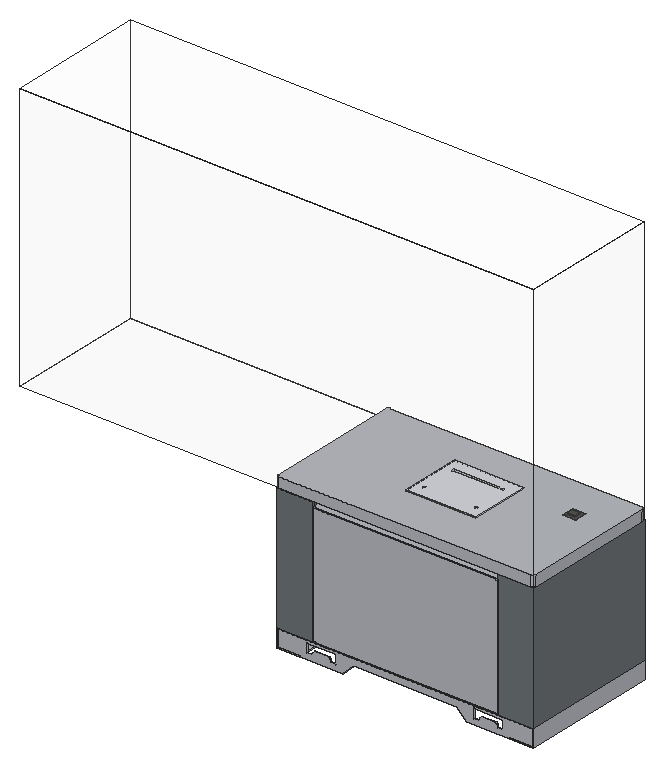
Revit family "Tyco_Fire Detector_and_Alarm Control_Indicator_Equipment-Profile Flexible Housings ", category Fire Alarm Devices, host Face, Revit 2014
Parameters (values of type "PXB800 PROFILE")
  Weight = ""
  Warranty Start Date = ""
  Warranty Guarantor Parts = "Contact your supplier. If you don’t have your supplier contact details please contact\r\ntfsuk.service@tycoint.com\r\ntfseu.service@tycoint.com"
  Warranty Guarantor Labor = "Contact your supplier. If you don’t have your supplier contact details please contact\r\ntfsuk.service@tycoint.com\r\ntfseu.service@tycoint.com"
  Warranty Duration Unit = "Year"
  Warranty Duration Parts = "1.5"
  Warranty Duration Labor = 1.5
  Warranty Description = "n/a"
  Version = ""
  Usage Current = ""
  Uniclass2 = ""
  URL = "http://www.zettlerfire.com/Products/Fire/zettlerpanels/PROFILE.asp"
  Total No Of Addresses = "n/a"
  Tag Number = ""
  SuistainabilityPerformance = "n/a"
  Storage Temperature = "-20 °C to +70 °C"
  Size = "n/a"
  Shape = "Rectangle"
  Serial Number = ""
  Revision = ""
  Replacement Cost = 0
  Relative Humidity = "90% RH continuous (non-condensing)"
  Reference = ""
  Product Specification = "PBB800 PROFILE Ancillary Expansion Box with mounting frame, door supports PZ4x or PZ8x"
  Product Information = ""
  Product Codes = "557.202.853"
  Phase Reference = ""
  Phase Angle = ""
  PX_AN/PR = not(PXB800)  # no
  PXB800 = yes
  Operation Temperature Range = "-8 °C to +55 °C"
  Number of Loops = "n/a"
  Number Of Poles = ""
  Nominal Width = 438 mm
  Nominal Voltage = ""
  Nominal Length = 263 mm
  Nominal Height = 237 mm
  Nominal Frequency Range = ""
  Nominal Current = ""
  No Of Zones Supported = "n/a"
  No Of Zonal LEDs = "n/a"
  Name = "PBB800 PROFILE Ancillary Expansion Box with mounting frame, door supports PZ4x or PZ8x"
  NBS Reference = ""
  NBS Description = ""
  Model Reference = "n/a"
  Model Number = "PXB800"
  Model = "PXB800"
  Material = "Mild steel Zintec (Electro Zinc Coated)"
  Manufacturer URL = "www.zettlerfire.com"
  Manufacturer Name = ""
  Manufacturer = "Tyco Fire Protection Products"
  Insulation Standard Class = ""
  Installation Date = ""
  Ifc Type Object = ""
  Ifc Export Type = ""
  Ifc Export As = ""
  IP_Code = ""
  Has Protective Earth = ""
  Grade = "n/a"
  Finish = "n/a"
  Features = "n/a"
  Expected Life = 0
  Electrical Device Nominal Power = ""
  Duration Unit = "n/a"
  Description = "PBB800 PROFILE Ancillary Expansion Box with mounting frame, door supports PZ4x or PZ8x"
  Default Elevation = 1219.2 mm
  Constituents = "n/a"
  Colour = "RAL 7016 (Anthracite Grey) & RAL 7040 (Window Grey)"
  Code Performance = "n/a"
  Clearance = yes
  Category = ""
  Brand = "Zettler"
  Bar Code = ""
  BIM Object Name = ""
  Author = ""
  Asset Type = "Moveable"
  Asset Identifier = ""
  Addresses Per Loop = "n/a"
  Accessibility Performance = "n/a"
Types (4, lengths in mm): name | Product Specification | Product Codes | PX_AN/PR | PXB800 | Name | Model Number | Model | Description
  (no name) | "PBB800 PROFILE Ancillary Expansion Box with mounting frame, door supports PZ4x or PZ8x" | "557.202.853" | no | yes | "PBB800 PROFILE Ancillary Expansion Box with mounting frame, door supports PZ4x or PZ8x" | "PXB800" | "PXB800" | "PBB800 PROFILE Ancillary Expansion Box with mounting frame, door supports PZ4x or PZ8x"
  PX-AN PROFILE | "PX-AN PROFILE Aperture Expansion Housing for Annunciator Modules ANN840 ANN880 and  ANN820" | "557.202.863" | yes | no | "PX-AN PROFILE Aperture Expansion Housing for Annunciator Modules ANN840 ANN880 and  ANN820" | "PX-AN" | "PX-AN" | "PX-AN PROFILE Aperture Expansion Housing for Annunciator Modules ANN840 ANN880 and  ANN820"
  PXB800 PROFILE | "PBB800 PROFILE Ancillary Expansion Box with mounting frame, door supports PZ4x or PZ8x" | "557.202.853" | no | yes | "PBB800 PROFILE Ancillary Expansion Box with mounting frame, door supports PZ4x or PZ8x" | "PXB800" | "PXB800" | "PBB800 PROFILE Ancillary Expansion Box with mounting frame, door supports PZ4x or PZ8x"
  PX-PR PROFILE | "PX-PR PROFILE 40 Column Thermal Printer in PXB800 Expansion Housing" | "557.202.864" | yes | no | "PX-PR PROFILE 40 Column Thermal Printer in PXB800 Expansion Housing" | "PX-PR" | "PX-PR" | "PX-PR PROFILE 40 Column Thermal Printer in PXB800 Expansion Housing"
Reference planes
  plane 1 "Center (Front/Back)": y = 0
  plane 2: z = 0
  plane 3 "Center (Left/Right)": x = 0
Dimensions and locks
  aligned and locked: plane 2 to host face
  aligned and locked: level to host face
  aligned and locked: plane 3 "Center (Left/Right)" to nested 1
  aligned and locked: nested 1 to host face
  aligned and locked: plane 1 "Center (Front/Back)" to nested 1
Nested families
  nested 1: "Geometry" at (0, 0, 0), type "Default"
Connectors
  electrical at (0, -118.498, 133.296)
    settings: on nested 1, index 1, voltage 0 V, apparent load 0 VA, apparent load phase1 0 VA, apparent load phase2 0 VA, apparent load phase3 0 VA, power factor 1, load classification "Other", number of poles 1, system type 11, power factor state 1, is connector primary yes, connector utility no, sub classification motor no, connector description ""
Definition of nested family "Geometry"
  Parameters (values of type "Default")
    aa = 316 mm
    Width Cutout = if(PXB800, 118 mm, 220 mm)  # 220 mm
    Width = 438 mm
    PX_AN/PR = no
    PXB800 = no
    Height = 237 mm
    Height Cutout ref = if(PXB800, 76 mm, 38 mm)  # 38 mm
    Depth = 263 mm
    Height Cutout = if(PXB800, 103 mm, 160 mm)  # 160 mm
    Clearance = yes
  Reference planes
    plane 1 "Center (Front/Back)": y = 0
    plane 2: z = 0
    plane 3 "Center (Left/Right)": x = 0
    plane 4: x = -219
    plane 5: x = 219
    plane 6: x = -220
    plane 7: x = -110
    plane 8: x = 110
    plane 9: x = -158
    plane 10: x = 158
    plane 11: z = 263
    plane 12: y = 79.5
    plane 13: y = 118.5
    plane 14: y = -118.5
    plane 15: y = -80.5
    plane 16: z = 264
    plane 17: z = 266
    plane 18: z = 701
    plane 19: x = -657
  Forms (mm)
    Extrusion 1, solid, material "RAL 7040"
      sketch origin (0, -128.233, 83.462) x (0, 1, 0) y (0, 0, 1)
        loop
          line (113.5, 114) -> (50.733, 114) -> (50.733, 69.158) -> (113.5, 69.158) -> (113.5, 114)
      from -220 to -219
    Extrusion 2, solid, material "RAL 7040"
      sketch origin (0, 0, 0) x (0, 1, 0) y (0, 0, 1)
        loop
          line (96.102, 245) -> (94.902, 245) -> (94.902, 237.596)
          arc (94.902, 237.596) -> (95.547, 236.04) -> (97.102, 235.396) r 2.2
          line (97.102, 235.396) -> (114.902, 235.396) -> (114.902, 31.196) -> (-117.298, 31.196) -> (-117.298, 235.396) -> (-99.498, 235.396)
          arc (-99.498, 235.396) -> (-97.942, 236.04) -> (-97.298, 237.596) r 2.2
          line (-97.298, 237.596) -> (-97.298, 256.596) -> (-98.498, 256.596) -> (-98.498, 237.596)
          arc (-98.498, 237.596) -> (-98.791, 236.889) -> (-99.498, 236.596) r 1
          line (-99.498, 236.596) -> (-117.498, 236.596)
          arc (-117.498, 236.596) -> (-118.205, 236.303) -> (-118.498, 235.596) r 1
          line (-118.498, 235.596) -> (-118.498, 30.996)
          arc (-118.498, 30.996) -> (-118.205, 30.289) -> (-117.498, 29.996) r 1
          line (-117.498, 29.996) -> (115.102, 29.996)
          arc (115.102, 29.996) -> (115.809, 30.289) -> (116.102, 30.996) r 1
          line (116.102, 30.996) -> (116.102, 235.596)
          arc (116.102, 235.596) -> (115.809, 236.303) -> (115.102, 236.596) r 1
          line (115.102, 236.596) -> (97.102, 236.596)
          arc (97.102, 236.596) -> (96.395, 236.889) -> (96.102, 237.596) r 1
          line (96.102, 237.596) -> (96.102, 245)
      from -158 to 158
    Extrusion 3, solid, material "RAL 7016"
      sketch origin (0, 0, 0) x (1, 0, 0) y (0, 1, 0)
        loop
          line (-219, 118.5) -> (-219, -118.5) -> (-157.852, -118.5) -> (-157.852, -116.938) -> (-217.5, -116.938) -> (-217.5, 117) -> (-157.852, 117) -> (-157.852, 118.5) -> (-219, 118.5)
        loop
          line (219, 118.5) -> (157.852, 118.5) -> (157.852, 117) -> (217.5, 117) -> (217.5, -116.938) -> (157.852, -116.938) -> (157.852, -118.5) -> (219, -118.5) -> (219, 118.5)
      from 30 to 245
    Extrusion 4, solid, material "RAL 7040"
      sketch origin (0, 0, 0) x (1, 0, 0) y (0, 1, 0)
        loop
          arc (-215.5, 118.5) -> (-217.975, 117.475) -> (-219, 115) r 3.5
          line (-219, 115) -> (-219, -115)
          arc (-219, -115) -> (-217.975, -117.475) -> (-215.5, -118.5) r 3.5
          line (-215.5, -118.5) -> (214, -118.5)
          arc (214, -118.5) -> (217.536, -117.036) -> (219, -113.5) r 5
          line (219, -113.5) -> (219, 113.5)
          arc (219, 113.5) -> (217.536, 117.036) -> (214, 118.5) r 5
          line (214, 118.5) -> (-215.5, 118.5)
        loop
          line (-110, -80.5) -> (110, -80.5) -> (110, 79.5) -> (-110, 79.5) -> (-110, -80.5)
      from 245 to 263
    Extrusion 5, solid, visible <- "PXB800"
      sketch origin (0, 0, 0) x (1, 0, 0) y (0, 1, 0)
        loop
          line (-110, -80.5) -> (110, -80.5) -> (110, 79.5) -> (-110, 79.5) -> (-110, -80.5)
        loop
          line (-95, 60.394) -> (-95, 55.394) -> (95, 55.394) -> (95, 60.394) -> (-95, 60.394)
        loop
          circle (-95, -22.53) r 2
        loop
          circle (95, -22.53) r 2
      from 259.404 to 264
    Extrusion 6, solid, material "RAL 7016", visible <- "PX_AN/PR"
      sketch origin (0, 0, 0) x (1, 0, 0) y (0, 1, 0)
        loop
          line (-110, 75.906) -> (-110, -80.5) -> (110, -80.5) -> (110, 75.906) -> (-110, 75.906)
      from 245 to 261.512
    Extrusion 7, solid, material "Black", visible <- "PXB800"
      sketch origin (0, 0, 0) x (1, 0, 0) y (0, 1, 0)
        loop
          line (145.734, 75.484) -> (145.734, 54.611) -> (167.5, 54.611) -> (167.5, 75.484) -> (145.734, 75.484)
      from 263 to 264
    Extrusion 8, solid, material "Black", visible <- "PXB800"
      sketch origin (0, 0, 0) x (1, 0, 0) y (0, 1, 0)
        loop
          line (162.5, 70.484) -> (150.734, 70.484) -> (150.734, 59.611) -> (162.5, 59.611) -> (162.5, 70.484)
      from 264 to 266
    Extrusion 9, solid, detail levels coarse+medium
      sketch origin (0, 0, 0) x (1, 0, 0) y (0, 1, 0)
        loop
          line (-220, 132.5) -> (-220, -118.5) -> (219, -118.5) -> (219, 132.5) -> (-220, 132.5)
      from 0 to 266
    Extrusion 10, solid, material "Clearance Material", visible <- "Clearance", detail levels fine
      sketch origin (0, 0, 0) x (1, 0, 0) y (0, 0, 1)
        loop
          line (-657, 245) -> (219, 245) -> (219, 701) -> (-657, 701) -> (-657, 245)
      from -118.5 to 118.5
  Dimensions and locks
    equal spacing: plane 5, plane 3 "Center (Left/Right)", plane 4
    "Width": plane 5 to plane 4
    locked: plane 4 to plane 6 at 1
    equal spacing: plane 8, plane 3 "Center (Left/Right)", plane 7
    equal spacing: plane 10, plane 3 "Center (Left/Right)", plane 9
    locked: plane 11 to level at 263
    equal spacing: plane 7, plane 3 "Center (Left/Right)", plane 8
    "Width Cutout": plane 7 to plane 8
    equal spacing: plane 14, plane 1 "Center (Front/Back)", plane 13
    "Height": plane 13 to plane 14
    Extrusion 5 to plane 11 = 3.596 mm
    "Height Cutout ref": plane 15 to plane 14
    "Height Cutout": plane 12 to plane 15
    locked: plane 16 to plane 11 at 1
    "Width": plane 18 to plane 11
    locked: Extrusion 10 to Extrusion 2 sketch curve at 21.202
    locked: plane 11 to Extrusion 2 sketch curve at 27.604
    "Width": plane 4 to plane 19
    aligned and locked: level to plane 2
    aligned and locked: plane 3 "Center (Left/Right)" to nested 1
    aligned and locked: plane 4 to Extrusion 1
    aligned and locked: Extrusion 1 to plane 6
    aligned and locked: plane 6 to text3d elem  (x2)
    aligned and locked: Extrusion 2 to plane 9
    aligned and locked: plane 10 to Extrusion 2
    aligned and locked: nested 1 to level
    aligned and locked: Extrusion 3 to nested 1
    aligned and locked: Extrusion 4 to Extrusion 2
    aligned and locked: plane 11 to Extrusion 4
    aligned and locked: Extrusion 4 sketch curve to plane 7
    aligned and locked: plane 8 to Extrusion 4 sketch curve
    aligned and locked: Extrusion 4 sketch curve to plane 13
    aligned and locked: plane 14 to Extrusion 4 sketch curve
    aligned and locked: nested 1 to plane 14
    aligned and locked: plane 14 to Extrusion 3 sketch curve
    aligned and locked: Extrusion 3 sketch curve to plane 14
    aligned and locked: plane 13 to Extrusion 3 sketch curve
    aligned and locked: Extrusion 3 sketch curve to plane 13
    aligned and locked: Extrusion 6 sketch curve to plane 8
    aligned and locked: plane 7 to Extrusion 6 sketch curve
    aligned and locked: Extrusion 6 to Extrusion 2
    aligned and locked: Extrusion 5 sketch curve to plane 12
    aligned and locked: plane 12 to Extrusion 4 sketch curve
    aligned and locked: Extrusion 4 sketch curve to plane 15
    aligned and locked: plane 15 to Extrusion 6 sketch curve
    aligned and locked: plane 15 to Extrusion 5 sketch curve
    aligned and locked: Extrusion 7 to plane 11
    aligned and locked: plane 16 to Extrusion 7
    aligned and locked: plane 16 to Extrusion 5
    aligned and locked: Extrusion 8 to plane 16
    aligned and locked: plane 17 to Extrusion 8
    aligned and locked: plane 4 to Extrusion 4 sketch curve
    aligned and locked: plane 6 to Extrusion 9 sketch curve
    aligned and locked: Extrusion 9 sketch curve to plane 5
    aligned and locked: plane 14 to Extrusion 9 sketch curve
    aligned and locked: Extrusion 9 to level
    aligned and locked: Extrusion 9 to plane 17
    aligned and locked: Extrusion 9 sketch curve to nested 1
    aligned and locked: plane 18 to Extrusion 10 sketch curve
    aligned and locked: plane 13 to Extrusion 10
    aligned and locked: Extrusion 10 to plane 14
    aligned and locked: Extrusion 10 sketch curve to plane 19
    aligned and locked: Extrusion 10 sketch curve to plane 5
  Automatic sketch dimensions
    Extrusion 1 sketch curve to Extrusion 1 sketch curve = 44.842 mm
    Extrusion 1 sketch curve to Extrusion 1 sketch curve = 62.767 mm
    level to Extrusion 1 sketch curve = 152.619 mm
    Extrusion 1 sketch curve to plane 12 = 157 mm
    Extrusion 5 sketch curve to plane 7 = 0 mm
    Extrusion 5 sketch curve to plane 8 = 0 mm
    plane 7 to Extrusion 5 sketch curve = 15 mm  (x2)
    Extrusion 5 sketch curve to plane 12 = 19.106 mm
    Extrusion 5 sketch curve to plane 8 = 15 mm  (x2)
    Extrusion 5 sketch curve to Extrusion 5 sketch curve = 5 mm
    plane 1 "Center (Front/Back)" to Extrusion 5 sketch curve = 22.53 mm  (x2)
    Extrusion 6 sketch curve to plane 12 = 3.594 mm
    Extrusion 2 sketch curve to Extrusion 2 sketch curve = 0 mm  (x4)
    plane 14 to Extrusion 2 sketch curve = 0.002 mm
    plane 14 to Extrusion 2 sketch curve = 1.002 mm  (x2)
    Extrusion 2 sketch curve to Extrusion 2 sketch curve = 0.2 mm  (x4)
    Extrusion 2 sketch curve to Extrusion 2 sketch curve = 17.8 mm
    Extrusion 2 sketch curve to plane 11 = 6.404 mm
    Extrusion 2 sketch curve to Extrusion 2 sketch curve = 1.2 mm  (x2)
    plane 12 to Extrusion 2 sketch curve = 15.402 mm
    Extrusion 2 sketch curve to Extrusion 2 sketch curve = 1 mm  (x2)
    Extrusion 2 sketch curve to plane 13 = 3.598 mm
    Extrusion 2 sketch curve to plane 11 = 18 mm
    Extrusion 2 sketch curve to Extrusion 2 sketch curve = 7.404 mm
    level to Extrusion 2 sketch curve = 31.196 mm
    Extrusion 7 sketch curve to plane 10 = 12.266 mm
    plane 10 to Extrusion 7 sketch curve = 9.5 mm
    Extrusion 7 sketch curve to plane 12 = 24.889 mm
    Extrusion 7 sketch curve to plane 12 = 4.016 mm
    Extrusion 8 sketch curve to plane 10 = 7.266 mm
    Extrusion 8 sketch curve to plane 12 = 19.889 mm
    Extrusion 8 sketch curve to plane 12 = 9.016 mm
    plane 10 to Extrusion 8 sketch curve = 4.5 mm
    Extrusion 3 sketch curve to plane 4 = 0 mm
    Extrusion 3 sketch curve to plane 5 = 0 mm
    plane 4 to Extrusion 3 sketch curve = 1.5 mm
    plane 9 to Extrusion 3 sketch curve = 0.148 mm  (x2)
    Extrusion 3 sketch curve to plane 10 = 0.148 mm  (x2)
    Extrusion 3 sketch curve to plane 5 = 1.5 mm
    plane 14 to Extrusion 3 sketch curve = 1.562 mm  (x2)
    Extrusion 3 sketch curve to Extrusion 3 sketch curve = 1.5 mm
    Extrusion 3 sketch curve to plane 13 = 1.5 mm
    Extrusion 4 sketch curve to plane 5 = 0 mm
    plane 4 to Extrusion 4 sketch curve = 3.5 mm  (x2)
    Extrusion 4 sketch curve to plane 5 = 5 mm  (x2)
    Extrusion 10 sketch curve to plane 11 = 18 mm
    radius of Extrusion 5 sketch curve = 2 mm  (x2)
  Nested families
    nested 1: "Frame" at (0, -7.233, 0), type "Frame", detail levels fine
  Definition of nested family "Frame"
    Parameters (values of type "Frame")
      aaa = 211 mm
      Width = 438 mm
      Height = 237 mm
      Depth = 30 mm
    Reference planes
      plane 1 "Center (Front/Back)": y = 0
      plane 2: z = 0
      plane 3 "Center (Left/Right)": x = 0
      plane 4: x = -219
      plane 5: x = 219
      plane 6: x = -179
      plane 7: x = 179
      plane 8: x = -160.5
      plane 9: x = -119.5
      plane 10: z = 24
      plane 11: z = 8.5
      plane 12: x = 160.5
      plane 13: x = 119.5
      plane 14: z = 24
      plane 15: z = 8.5
      plane 16: x = -160.5
      plane 17: x = -119.5
      plane 18: y = 139.733
      plane 19: x = 160.5
      plane 20: x = 119.5
      plane 21: y = 139.733
      plane 22: z = 10
      plane 23: x = -167.5
      plane 24: x = -117.5
      plane 25: z = 20
      plane 26: z = 4
      plane 27: x = 167.5
      plane 28: x = 117.5
      plane 29: z = 20
      plane 30: z = 4
      plane 31: x = -105.5
      plane 32: x = 105.5
      plane 33: z = 17.938
    Forms (mm)
      Extrusion 1, solid, material "RAL 7040"
        sketch origin (0, -111.267, 30) x (1, 0, 0) y (0, 0, -1)
          loop
            line (-219, 0) -> (-217.5, 0) -> (-217.5, 28.5) -> (-179, 28.5) -> (-179, 30) -> (-219, 30) -> (-219, 0)
          loop
            line (219, 0) -> (219, 30) -> (179, 30) -> (179, 28.5) -> (217.5, 28.5) -> (217.5, 0) -> (219, 0)
        from 0 to 237
      Extrusion 2, solid, material "RAL 7040"
        sketch origin (0, -111.267, 30) x (0, 0, -1) y (0, 1, 0)
          loop
            line (0, 237) -> (0, 0) -> (30, 0) -> (30, 1.5) -> (1.5, 1.5) -> (1.5, 235.5) -> (30, 235.5) -> (30, 237) -> (0, 237)
        from -217.5 to 217.5
      Extrusion 3, void
        sketch origin (0, -111.267, 30) x (1, 0, 0) y (0, 0, -1)
          loop
            line (-160.5, 21.5) -> (-160.5, 11) -> (-155.5, 6) -> (-124.5, 6) -> (-119.5, 11) -> (-119.5, 21.5) -> (-160.5, 21.5)
          loop
            line (160.5, 21.5) -> (119.5, 21.5) -> (119.5, 11) -> (124.5, 6) -> (155.5, 6) -> (160.5, 11) -> (160.5, 21.5)
          loop
            line (105.437, 30) -> (-105.437, 30) -> (-87.5, 12.062) -> (87.5, 12.063) -> (105.437, 30)
        from 235.5 to 237
      Extrusion 4, solid, material "RAL 7040"
        sketch origin (0, -111.267, 30) x (1, 0, 0) y (0, 1, 0)
          loop
            line (-160.5, 237) -> (-119.5, 237) -> (-119.5, 246) -> (-124.5, 251) -> (-155.5, 251) -> (-160.5, 246) -> (-160.5, 237)
          loop
            line (-154.495, 246.5) -> (-154.495, 244) -> (-124.495, 244) -> (-124.495, 246.5) -> (-154.495, 246.5)
          loop
            line (160.5, 237) -> (160.5, 246) -> (155.5, 251) -> (124.5, 251) -> (119.5, 246) -> (119.5, 237) -> (160.5, 237)
          loop
            line (154.495, 246.5) -> (124.495, 246.5) -> (124.495, 244) -> (154.495, 244) -> (154.495, 246.5)
        from -21.5 to -20
      Extrusion 5, void
        sketch origin (0, -111.267, 30) x (1, 0, 0) y (0, 0, -1)
          loop
            line (167.5, 4.063) -> (167.5, 20.063) -> (157.5, 20.063) -> (157.5, 15.886) -> (154.732, 13.118) -> (130.195, 13.118) -> (127.5, 15.813) -> (127.5, 20.063) -> (117.5, 20.063) -> (117.5, 4.063) -> (167.5, 4.063)
          loop
            line (-167.5, 4.062) -> (-117.5, 4.062) -> (-117.5, 20.062) -> (-127.5, 20.062) -> (-127.5, 15.813) -> (-130.195, 13.118) -> (-154.732, 13.118) -> (-157.5, 15.886) -> (-157.5, 20.062) -> (-167.5, 20.062) -> (-167.5, 4.062)
          loop
            line (105.437, 30) -> (-105.437, 30) -> (-87.5, 12.062) -> (87.5, 12.063) -> (105.437, 30)
        from 0 to 1.5
    Cuts and joins
      Extrusion 3, Extrusion 5 cuts Extrusion 2
      Extrusion 5 cuts Extrusion 4
    Dimensions and locks
      equal spacing: plane 5, plane 3 "Center (Left/Right)", plane 4
      "Width": plane 5 to plane 4
      plane 4 to plane 6 = 40 mm
      locked: plane 7 to plane 5 at 40
      locked: plane 4 to plane 8 at 58.5
      locked: plane 8 to plane 9 at 41
      locked: plane 11 to plane 10 at 15.5
      locked: plane 12 to plane 13 at 41
      locked: plane 15 to plane 14 at 15.5
      locked: plane 12 to plane 5 at 58.5
      plane 18 to cut or joined group of Extrusion 2, Extrusion 3, Extrusion 5 = 14 mm
      locked: Extrusion 4 sketch curve to cut or joined group of Extrusion 2, Extrusion 3, Extrusion 5 at 7  (x2)
      locked: Extrusion 4 sketch curve to Extrusion 4 sketch curve at 2.5  (x2)
      locked: plane 21 to cut or joined group of Extrusion 2, Extrusion 3, Extrusion 5 at 14
      locked: plane 26 to plane 25 at 16
      locked: plane 4 to plane 23 at 51.5
      locked: plane 23 to plane 24 at 50
      plane 23 to Extrusion 5 sketch curve = 325 mm
      plane 24 to Extrusion 5 sketch curve = 245 mm
      locked: plane 27 to plane 28 at 50
      plane 27 to Extrusion 5 sketch curve = 325 mm
      plane 28 to Extrusion 5 sketch curve = 245 mm
      locked: plane 30 to plane 29 at 16
      equal spacing: plane 31, plane 3 "Center (Left/Right)", plane 32
      "aaa": plane 31 to plane 32
      aligned and locked: level to plane 2
      aligned and locked: plane 4 to Extrusion 1 sketch curve
      aligned and locked: Extrusion 1 sketch curve to plane 6
      aligned and locked: plane 7 to Extrusion 1 sketch curve
      aligned and locked: Extrusion 2 sketch curve to Extrusion 1
      aligned and locked: Extrusion 3 sketch curve to plane 11
      aligned and locked: plane 8 to Extrusion 3 sketch curve
      aligned and locked: plane 10 to Extrusion 3 sketch curve
      aligned and locked: Extrusion 3 sketch curve to plane 9
      aligned and locked: plane 15 to Extrusion 3 sketch curve
      aligned and locked: Extrusion 3 sketch curve to plane 12
      aligned and locked: Extrusion 3 sketch curve to plane 14
      aligned and locked: plane 13 to Extrusion 3 sketch curve
      aligned and locked: Extrusion 3 to Extrusion 2
      aligned and locked: plane 17 to cut or joined group of Extrusion 2, Extrusion 3, Extrusion 5
      aligned and locked: plane 16 to cut or joined group of Extrusion 2, Extrusion 3, Extrusion 5
      aligned and locked: Extrusion 4 sketch curve to cut or joined group of Extrusion 2, Extrusion 3, Extrusion 5
      aligned and locked: plane 18 to Extrusion 4 sketch curve
      aligned and locked: plane 17 to Extrusion 4 sketch curve
      aligned and locked: Extrusion 4 sketch curve to plane 21
      aligned and locked: Extrusion 4 sketch curve to plane 20
      aligned and locked: cut or joined group of Extrusion 2, Extrusion 3, Extrusion 5 to Extrusion 4
      aligned and locked: plane 22 to Extrusion 4
      aligned and locked: Extrusion 5 to Extrusion 2
      aligned and locked: plane 33 to Extrusion 5 sketch curve
      aligned and locked: cut or joined group of Extrusion 2, Extrusion 3, Extrusion 5 to Extrusion 5 sketch curve
      aligned and locked: cut or joined group of Extrusion 2, Extrusion 3, Extrusion 5 to Extrusion 1  (x2)
    Automatic sketch dimensions
      plane 8 to Extrusion 3 sketch curve = 5 mm
      Extrusion 3 sketch curve to plane 9 = 5 mm
      Extrusion 3 sketch curve to plane 13 = 5 mm
      plane 12 to Extrusion 3 sketch curve = 5 mm
      plane 10 to Extrusion 3 sketch curve = 5 mm  (x4)
      plane 9 to Extrusion 3 sketch curve = 14.063 mm
      plane 10 to Extrusion 3 sketch curve = 6.063 mm
      Extrusion 3 sketch curve to Extrusion 3 sketch curve = 17.937 mm
      plane 13 to Extrusion 3 sketch curve = 32 mm
      plane 13 to Extrusion 3 sketch curve = 14.063 mm
      plane 11 to Extrusion 3 sketch curve = 8.5 mm
      Extrusion 1 sketch curve to plane 5 = 0 mm
      plane 4 to Extrusion 1 sketch curve = 1.5 mm
      Extrusion 1 sketch curve to plane 5 = 1.5 mm
      Extrusion 1 sketch curve to plane 22 = 20 mm  (x2)
      plane 22 to Extrusion 1 sketch curve = 8.5 mm  (x2)
      Extrusion 1 sketch curve to Extrusion 1 sketch curve = 1.5 mm  (x2)
      Extrusion 2 sketch curve to plane 22 = 18.5 mm
      Extrusion 2 sketch curve to Extrusion 2 sketch curve = 1.5 mm  (x3)
      plane 22 to Extrusion 2 sketch curve = 10 mm
      plane 1 "Center (Front/Back)" to Extrusion 2 sketch curve = 111.267 mm
      Extrusion 2 sketch curve to plane 1 "Center (Front/Back)" = 124.233 mm
      Extrusion 4 sketch curve to plane 19 = 0 mm
      plane 16 to Extrusion 4 sketch curve = 5 mm
      Extrusion 4 sketch curve to Extrusion 4 sketch curve = 1.005 mm  (x2)
      Extrusion 4 sketch curve to plane 17 = 5 mm
      Extrusion 4 sketch curve to Extrusion 4 sketch curve = 0.005 mm  (x2)
      Extrusion 4 sketch curve to plane 20 = 4.995 mm
      plane 19 to Extrusion 4 sketch curve = 6.005 mm
      Extrusion 4 sketch curve to Extrusion 4 sketch curve = 7 mm  (x2)
      Extrusion 4 sketch curve to plane 18 = 5 mm  (x4)
      Extrusion 5 sketch curve to plane 23 = 0 mm
      Extrusion 5 sketch curve to plane 24 = 0 mm
      plane 28 to Extrusion 5 sketch curve = 0 mm
      plane 27 to Extrusion 5 sketch curve = 0 mm
      Extrusion 5 sketch curve to plane 33 = 1.056 mm  (x2)
      Extrusion 5 sketch curve to Extrusion 5 sketch curve = 2.768 mm  (x2)
      Extrusion 5 sketch curve to Extrusion 5 sketch curve = 2.695 mm  (x2)
      plane 31 to Extrusion 5 sketch curve = 0.063 mm
      plane 31 to Extrusion 5 sketch curve = 18 mm
      Extrusion 5 sketch curve to plane 32 = 18 mm
      Extrusion 5 sketch curve to plane 32 = 0.063 mm
      Extrusion 5 sketch curve to plane 25 = 5.938 mm
      Extrusion 5 sketch curve to plane 25 = 5.937 mm
      Extrusion 5 sketch curve to plane 33 = 3.75 mm  (x2)
      Extrusion 5 sketch curve to plane 33 = 3.824 mm  (x2)
      plane 22 to Extrusion 5 sketch curve = 0.063 mm  (x4)
